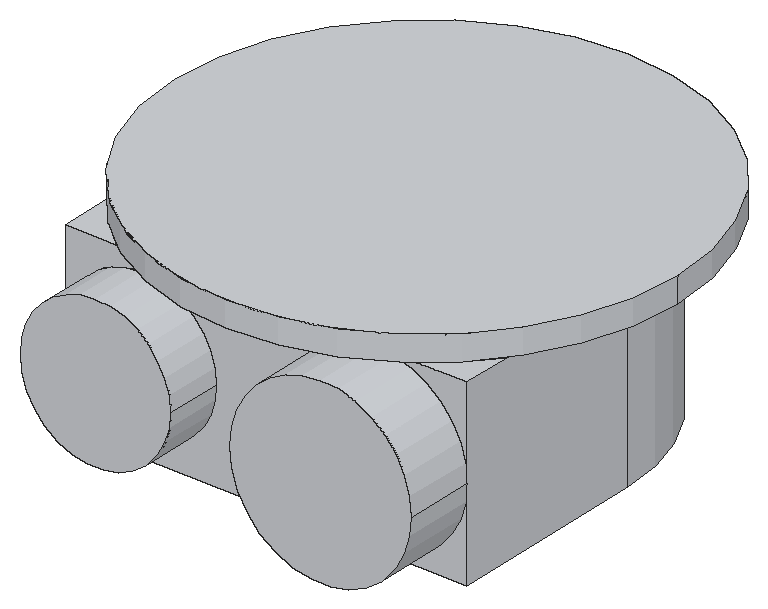
Revit family "0e09f4ee28f04c0ab661ae2f83673d22", category Mechanical Equipment, host Face, Revit 2021
Family settings
  Host = Face
  Round Connector Dimension = Use Radius
  Part Type = Normal
  OmniClass Number = 23.85.30.21.11.17
  OmniClass Title = Other Components
  Seek Item ID = Water Motor Alarm-0000-USA-ENU
  Cut with Voids When Loaded = No
  Shared = No
  Room Calculation Point = No
Parameters (values of type "3/4"")
  Norminal Radius = 3/8"
  Norminal Diameter = Norminal Radius * 2  # 3/4"
  Drain Radius = 1/2"
  Drain Diameter = Drain Radius * 2  # 1"
  Default Elevation = 4' - 0"
  Alarm Material = none
Reference planes (in)
  plane 1 "Center (Front/Back)": y = 0
  plane 2: z = 0
  plane 3 "Center (Left/Right)": x = 0
  plane 4: z = 0.75
  plane 5: z = 2.5625
  plane 6: z = 2.8125
  plane 7: y = 2
  plane 8: x = 2
  plane 9: x = -2
  plane 10: y = -2
  plane 11: z = 1.65625
  plane 12: x = 1.09375
  plane 13: x = -1.25
  plane 14: y = -2.6875
  plane 15: y = -2.5625
  plane 16: x = -2.5
  plane 17: x = 2.5
  plane 18: x = 0.75
  plane 19: x = -0.75
  plane 20: z = 0.81152
Forms (in)
  Extrusion 1, solid, material <- "Alarm Material", detail levels fine
    sketch origin (0, 0, 0) x (1, 0, 0) y (0, 1, 0)
      loop
        circle (0, 0) r 0.75
    from 0 to 0.75
  Extrusion 2, solid, material <- "Alarm Material", detail levels fine
    sketch origin (0, 0, 0) x (1, 0, 0) y (0, 1, 0)
      loop
        arc (2, 0) -> (0, 2) -> (-2, 0) r 2
        line (-2, 0) -> (-2, -2) -> (2, -2) -> (2, 0)
    from 0.75 to 2.5625
  Extrusion 3, solid, material <- "Alarm Material", detail levels fine
    sketch origin (0, 0, 0) x (1, 0, 0) y (0, 1, 0)
      loop
        circle (0, 0) r 2.5
    from 2.5625 to 2.8125
  Extrusion 4, solid, material <- "Alarm Material", detail levels fine
    sketch origin (0, 0, 0) x (1, 0, 0) y (0, 0, 1)
      loop
        circle (1.09375, 1.65625) r 0.90625
    from 2 to 2.6875
  Extrusion 5, solid, material <- "Alarm Material", detail levels fine
    sketch origin (0, 0, 0) x (1, 0, 0) y (0, 0, 1)
      loop
        circle (-1.25, 1.65625) r 0.75
    from 2 to 2.5625
Cuts and joins
  joined: Extrusion 2, Extrusion 3, Extrusion 4, Extrusion 5
Lines and regions (in)
  symbolic lines, detail levels fine
    curve 1: line (-2.5, 0, 2.8125) -> (-2.5, 0, 2.5625)
    curve 2: line (2.5, 0, 2.8125) -> (-2.5, 0, 2.8125)
    curve 3: line (2.5, 0, 2.8125) -> (2.5, 0, 2.5625)
    curve 4: line (2.5, 0, 2.5625) -> (-2.5, 0, 2.5625)
    curve 5: line (-2, 0, 2.5625) -> (-2, 0, 0.75)
    curve 6: line (2, 0, 2.5625) -> (2, 0, 0.75)
  model lines, detail levels coarse+medium
    curve 7: line (0, 0, 2.5625) -> (-2, 0, 1.65625)
    curve 8: line (0, 0, 2.5625) -> (2, 0, 1.65625)
    curve 9: arc (-2, 0, 0.75) -> (0, 0, 1.65625) -> (2, 0, 0.75) r 2.66002
    curve 10: line (-2, 0, 0.75) -> (2, 0, 0.75)
    curve 11: line (0, 0, 0.75) -> (0, 0, 0)
Dimensions and locks (in)
  locked: plane 2 to plane 4 at 0.75
  locked: plane 4 to plane 5 at 1.8125
  locked: plane 5 to plane 6 at 0.25
  locked: plane 1 "Center (Front/Back)" to plane 7 at 2
  locked: plane 9 to plane 3 "Center (Left/Right)" at 2
  locked: plane 3 "Center (Left/Right)" to plane 8 at 2
  locked: plane 1 "Center (Front/Back)" to plane 10 at 2
  equal spacing: plane 5, plane 11, plane 4
  locked: plane 8 to plane 12 at 0.90625
  locked: plane 13 to plane 9 at 0.75
  locked: plane 10 to plane 14 at 0.6875
  locked: plane 10 to plane 15 at 0.5625
  locked: plane 16 to plane 3 "Center (Left/Right)" at 2.5
  locked: plane 3 "Center (Left/Right)" to plane 17 at 2.5
  locked: plane 3 "Center (Left/Right)" to plane 19 at 0.75
  locked: plane 3 "Center (Left/Right)" to plane 18 at 0.75
  locked: plane 20 to plane 6 at 2.00098
  radius of Extrusion 1 sketch curve = 0' - 0 3/4"
  radius of Extrusion 2 sketch curve = 0' - 2"
  radius of Extrusion 3 sketch curve = 0' - 2 1/2"
  radius of Extrusion 4 sketch curve = 0' - 0 29/32"
  radius of Extrusion 5 sketch curve = 0' - 0 3/4"
  aligned and locked: plane 2 to host face
  aligned and locked: level to host face
  aligned and locked: Extrusion 1 to plane 2
  aligned and locked: plane 4 to Extrusion 1
  aligned and locked: Extrusion 2 to plane 4
  aligned and locked: plane 5 to Extrusion 2
  aligned and locked: Extrusion 3 to plane 5
  aligned and locked: plane 6 to Extrusion 3
  aligned and locked: plane 11 to Extrusion 4 sketch curve
  aligned and locked: plane 12 to Extrusion 4 sketch curve
  aligned and locked: plane 11 to Extrusion 5 sketch curve
  aligned and locked: plane 13 to Extrusion 5 sketch curve
  aligned and locked: plane 10 to Extrusion 5
  aligned and locked: plane 10 to Extrusion 4
  aligned and locked: Extrusion 5 to plane 15
  aligned and locked: plane 14 to Extrusion 4
  aligned and locked: plane 6 to curve 1
  aligned and locked: curve 1 to plane 16
  aligned and locked: plane 17 to curve 2
  aligned and locked: curve 2 to plane 6
  aligned and locked: plane 16 to curve 4
  aligned and locked: plane 17 to curve 4
  aligned and locked: curve 4 to plane 5
  aligned and locked: plane 5 to curve 6
  aligned and locked: plane 4 to curve 6
  aligned and locked: cut or joined group of Extrusion 2, Extrusion 3, Extrusion 4, Extrusion 5 to plane 4
  aligned and locked: plane 3 "Center (Left/Right)" to curve 8
  aligned and locked: plane 8 to curve 9
  aligned and locked: curve 11 to plane 3 "Center (Left/Right)"
  aligned and locked: plane 4 to curve 11
  aligned and locked: level to curve 11
Automatic sketch dimensions
  Extrusion 1 sketch curve to plane 1 "Center (Front/Back)" = 0' - 0"
  Extrusion 1 sketch curve to plane 3 "Center (Left/Right)" = 0' - 0"
  Extrusion 3 sketch curve to plane 1 "Center (Front/Back)" = 0' - 0"
  Extrusion 3 sketch curve to plane 3 "Center (Left/Right)" = 0' - 0"
  Extrusion 2 sketch curve to plane 9 = 0' - 0"
  Extrusion 2 sketch curve to plane 10 = 0' - 0"
  Extrusion 2 sketch curve to plane 1 "Center (Front/Back)" = 0' - 0"
  curve 7 to plane 11 = 0' - 0"
  curve 8 to plane 11 = 0' - 0"
  curve 9 to plane 9 = 0' - 0"
  curve 7 to plane 9 = 0' - 0"
  curve 9 to curve 11 = 0' - 1.00377"
  host sketch curve to host sketch curve = 8' - 0"  (x2)
Connectors (in)
  piping at (-1.25, -2.5625, 1.65625), diameter 0.75, driven by "Norminal Radius"
    settings: on Extrusion 5, index 1, connector inside diameter 3/4", connector length 0' - 0", flow factor 0, pipe flow 0 GPM, pressure drop 0.00 psi, fitting loss kfactor 0, connector angle 0.00°, fixture units 0, engagement length 0' - 0", angle of deflection 0.00°, flow configuration 0, flow direction 1, fitting loss method 0, system type 29, joint type 0, gender type 0, connector reference index 2, connector utility 0, adjustable connector no, is connector primary yes, connector description "In"
  piping at (1.09375, -2.6875, 1.65625), diameter 1, driven by "Drain Radius"
    settings: on Extrusion 4, index 2, connector inside diameter 1", connector length 0' - 0", flow factor 0, pipe flow 0 GPM, pressure drop 0.00 psi, fitting loss kfactor 0, connector angle 0.00°, fixture units 0, engagement length 0' - 0", angle of deflection 0.00°, flow configuration 1, flow direction 2, fitting loss method 0, system type 29, joint type 0, gender type 0, connector reference index 1, connector utility 0, adjustable connector no, is connector primary no, connector description "Drain Out"
